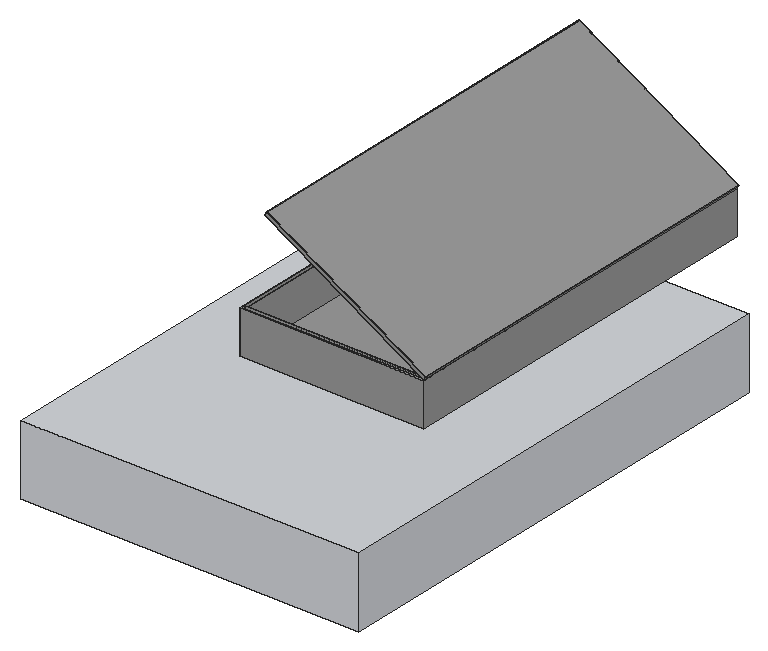
Revit family "Hager-Univers-IP54-D205-H1700-Cl.I-encl-DE-de", category Equipement électrique, Revit 2020
Family settings
  Hôte = Face
  Configuration du panneau = Deux colonnes, circuits au sein
  Cote de connecteur circulaire = Utiliser le diamètre
  Type d'élément = Tableau de raccordement
  Couper avec des vides une fois chargée = Non
  Partagée = Non
  Point de calcul de pièce = Non
Parameters (values of type "Aufputz IP54 B800 H1700 T205  - FP13TW2")
  Width Control [instance] = if([EF000008 - Breite] > Min Width, [EF000008 - Breite], Min Width)  # 800 mm
  Commentaires du type = [HG000003 - Bereich]  # "Univers"
  Thickness Door [instance] = if([EF009171 - Materialstärke Tür/Deckel] > 3 mm, 3 mm, [EF009171 - Materialstärke Tür/Deckel])  # 1 mm
  Seal Frame Offset [instance] = 17 mm  # constant formula
  Plinth Visibility [instance] = [HG000027 - Sockelhöhe] > 0 mm  # no
  Model = ""
  Min Width [instance] = 100 mm  # constant formula
  Min Height [instance] = 100 mm  # constant formula
  Min Depth [instance] = (2 * [EF009170 - Materialstärke Gehäuse]) + 1 mm  # 3 mm
  Internal Frame Depth [instance] = (Door System Depth * 0.5)  # 9 mm
  Height Control [instance] = if([EF000040 - Höhe] > Min Height, [EF000040 - Höhe], Min Height)  # 1700 mm
  HG000027 - Sockelhöhe = 0 mm
  HG000026 - Stehend auf dem Boden = no
  HG000024 - Höhe des unteren Teils = 800 mm
  HG000023 - Gehäuse mit doppeltem Querschnitt = no
  HG000016 - 3D-Türsichtbarkeit [instance] = yes
  HG000015 - Sichtbarkeit der Türöffnung [instance] = no
  HG000014 - Tür rechts [instance] = yes
  HG000013 - Tür links [instance] = not([HG000014 - Tür rechts])  # no
  HG000012 - Türschwenkwinkel [instance] = 30.00°
  HG000010 - Asymmetrische Türen = no
  HG000009 - Doppelflügeligen Tür = no
  HG000006 - Unterputz = no
  HG000004 - Herstellerreferenz = "FP13TW2"
  HG000003 - Bereich = "Univers"
  HG000002 - Mit tür = yes
  Frame Offset Bottom [instance] = 10 mm  # constant formula
  Frame Offset [instance] = 15 mm  # constant formula
  EF015940 - Deckel mit Überdruckentlastung = no
  EF011959 - Schutzart (NEMA) = ""
  EF009554 - Anzahl der Öffnungen für Flanschplatten = 6
  Fabricant = "Hager"  # constant formula
  EF009212 - Ausführung Deckel = "EV000116 - geschlossen"
  EF009171 - Materialstärke Tür/Deckel = 1 mm
  EF009170 - Materialstärke Gehäuse = 1 mm
  EF008873 - Nennstrom (In) = 400 A
  EF007800 - Geeignet für Blitzschutz = no
  EF006306 - Mit Schloss = no
  EF006244 - Transparenter Deckel/Tür = no
  EF005474 - Schutzart (IP) = "EV006419 - IP54"
  EF004464 - Art der Tür = "EV002646 - Einzel"
  EF004427 - Anzahl der Module = 396
  EF004293 - Schlagfestigkeit = "EV006815 - IK09"
  EF003532 - Geeignet für Außengebrauch = no
  EF002950 - Breite in Teilungseinheiten = 36
  EF001613 - Funktionserhalt = "EV000494 - ohne"
  EF001596 - Werkstoff des Gehäuses = "EV000179 - Stahl"
  EF001131 - Innentiefe = 205 mm
  EF001088 - Anbaumöglichkeit = yes
  EF000437 - Anzahl der Leitungseinführungen = 6
  EF000339 - Art der Abdeckung = "EV001012 - Deckel"
  EF000266 - Anzahl der Reihen = 11
  EF000218 - Einbautiefe = 205 mm
  EF000118 - Mit Montageplatte = no
  EF000116 - RAL-Nummer = "9010"
  EF000049 - Tiefe = 205 mm
  EF000040 - Höhe = 1700 mm
  EF000008 - Breite = 800 mm
  EF000007 - Farbe = "EV000202 - weiß"
  EF000003 - Montageart = "EV000384 - Aufputz"
  Door System Leaf Tolerance [instance] = 1.5 mm  # constant formula
  Door System Depth [instance] = 18 mm  # constant formula
  Door Height [instance] = Height Control - [HG000027 - Sockelhöhe]  # 1700 mm
  Depth Control [instance] = if([EF000049 - Tiefe] > Min Depth, [EF000049 - Tiefe], Min Depth)  # 205 mm
  Default Elevation = 0 mm
  Connector Offset [instance] = Height Control / 2  # 850 mm
  Bottom Top Plate Trim [instance] = 1.5 mm  # constant formula
  Plinth height Ctrl [instance] = if([HG000027 - Sockelhöhe] > 0 mm, [HG000027 - Sockelhöhe], 12 mm)  # 12 mm
Types (8, lengths in mm): name | Width Control | HG000009 - Doppelflügeligen Tür | HG000004 - Herstellerreferenz | EF009554 - Anzahl der Öffnungen für Flanschplatten | EF008873 - Nennstrom (In) | EF004464 - Art der Tür | EF004427 - Anzahl der Module | EF002950 - Breite in Teilungseinheiten | EF000437 - Anzahl der Leitungseinführungen | EF000008 - Breite
  Aufputz IP54 B1050 H1700 T205  - FP14TW2 | 1050 | yes | "FP14TW2" | 8 | 400 A | "EV003602 - Doppel" | 528 | 48 | 8 | 1050
  Aufputz IP54 B1300 H1700 T205  - FP15TW | 1300 | yes | "FP15TW" | 10 | 400 A | "EV003602 - Doppel" | 660 | 60 | 10 | 1300
  Aufputz IP54 B1300 H1700 T205  - FP15TW2 | 1300 | no | "FP15TW2" | 10 | 400 A | "EV003602 - Doppel" | 660 | 60 | 10 | 1300
  Aufputz IP54 B300 H1700 T205  - FP11TW2 | 300 | no | "FP11TW2" | 2 | 250 A | "EV002646 - Einzel" | 132 | 12 | 2 | 300
  Aufputz IP54 B550 H1700 T205  - FP12TW | 550 | no | "FP12TW" | 4 | 250 A | "EV002646 - Einzel" | 264 | 24 | 4 | 550
  Aufputz IP54 B550 H1700 T205  - FP12TW2 | 550 | no | "FP12TW2" | 4 | 250 A | "EV002646 - Einzel" | 264 | 24 | 4 | 550
  Aufputz IP54 B800 H1700 T205  - FP13TW | 800 | no | "FP13TW" | 6 | 400 A | "EV002646 - Einzel" | 396 | 36 | 6 | 800
  Aufputz IP54 B800 H1700 T205  - FP13TW2 | 800 | no | "FP13TW2" | 6 | 400 A | "EV002646 - Einzel" | 396 | 36 | 6 | 800
Reference planes
  plane 1 "Center (Front/Back)": y = 0
  plane 2: z = 0
  plane 3 "Center (Left/Right)": x = 0
  plane 4: z = 205
  plane 5: y = 1
  plane 6: y = 850
  plane 7: y = 0
  plane 8: y = 1700
  plane 9: z = 0
  plane 10: x = -385
  plane 11: x = 385
  plane 12: x = 384
  plane 13: x = -384
  plane 14: y = 1699
  plane 15: x = -383
  plane 16: x = -400
  plane 17: x = 383
  plane 18: x = 400
  plane 19: x = 399
  plane 20: x = -399
  plane 21: y = 11
  plane 22: y = 1700
  plane 23: y = 1684
  plane 24: z = 187
  plane 25: z = 1
  plane 26: z = 186
  plane 27: z = 204
Forms (mm)
  Extrusion 1, solid
    sketch origin (0, 0, 0) x (1, 0, 0) y (0, 1, 0)
      loop
        line (-702.964, 1305) -> (-702.964, -811.445) -> (766.763, -811.445) -> (766.763, 1305) -> (-702.964, 1305)
    from 0 to -304.8
  Extrusion 2, solid, material "Hager_Steel_RAL7035_Light_Grey", visible <- "Plinth Visibility", detail levels medium+fine
    sketch origin (0, 0, 0) x (1, 0, 0) y (0, 1, 0)
      loop
        line (-400, 0) -> (400, 0) -> (400, 12) -> (-400, 12) -> (-400, 0)
    from 0 to 187
  Extrusion 3, solid, material "Hager_Steel_RAL7035_Light_Grey", detail levels medium+fine
    sketch origin (0, 0, 0) x (1, 0, 0) y (0, 1, 0)
      loop
        line (-400, 0) -> (400, 0) -> (400, 1700) -> (-400, 1700) -> (-400, 0)
    from 0 to 187
  Extrusion 4, void
    sketch origin (0, 0, 0) x (1, 0, 0) y (0, 1, 0)
      loop
        line (-399, 1) -> (399, 1) -> (399, 1699) -> (-399, 1699) -> (-399, 1)
    from 1 to 186
  Extrusion 5, void
    sketch origin (-381.607, -4572, 187) x (0, -1, 0) y (-1, 0, 0)
      loop
        line (-4583, 2.393) -> (-6256, 2.393) -> (-6256, -765.607) -> (-4583, -765.607) -> (-4583, 2.393)
    from 0 to 1 <- "EF009170 - Materialstärke Gehäuse"
  Extrusion 6, solid, material "Hager_Steel_RAL7035_Light_Grey", detail levels fine
    sketch origin (0, 0, 187) x (1, 0, 0) y (0, 1, 0)
      loop
        line (-384, 1684) -> (-384, 11) -> (384, 11) -> (384, 1684) -> (-384, 1684)
      loop
        line (-385, 10) -> (385, 10) -> (385, 1685) -> (-385, 1685) -> (-385, 10)
    from 0 to 9 <- "Internal Frame Depth"
  Extrusion 7, solid, material "Hager_Steel_RAL7035_Light_Grey", detail levels coarse
    sketch origin (0, 0, 0) x (1, 0, 0) y (0, 1, 0)
      loop
        line (-400, 0) -> (400, 0) -> (400, 1700) -> (-400, 1700) -> (-400, 0)
    from 0 to 205
  Sweep 8, void
    path in 3D
      loop
        line (-400, 12, 0) -> (400, 12, 0) -> (400, 12, 187) -> (-400, 12, 187) -> (-400, 12, 0)
    profile origin (-400, 12, 93.5) x (-1, 0, 0) y (0, -1, 0)
      loop
        line (0, 0) -> (0, 1.5) -> (-1.5, 1.5)
        arc (-1.5, 1.5) -> (-1.061, 0.439) -> (0, 0) r 1.5
Cuts and joins
  Extrusion 4, Extrusion 5 cuts Extrusion 3
  Sweep 8 cuts Extrusion 2
Lines and regions (mm)
  Masking region 1
    outline origin (0, 0, 0) x (1, 0, 0) y (0, 0, 1)
      loop
        line (-400, 205) -> (-400, 0) -> (400, 0) -> (400, 205) -> (-400, 205)
  Masking region 2, detail levels medium+fine
    outline origin (0, 140, 0) x (0, 1, 0) y (0, 0, 1)
      loop
        line (-140, 0) -> (1560, 0) -> (1560, 187) -> (-140, 187) -> (-140, 0)
  Masking region 3, not visible, detail levels medium+fine
    outline origin (0, 297.922, 0) x (0, 1, 0) y (0, 0, 1)
      loop
        line (563.578, 0) -> (603.578, 0) -> (603.578, 194)
        arc (603.578, 194) -> (600.649, 201.071) -> (593.578, 204) r 10
        line (593.578, 204) -> (563.578, 204) -> (563.578, 0)
  Masking region 4, detail levels coarse
    outline origin (0, 0, 180) x (0, 1, 0) y (0, 0, 1)
      loop
        line (0, -180) -> (1700, -180) -> (1700, 25) -> (0, 25) -> (0, -180)
  Masking region 5, visible <- "Plinth Visibility", detail levels medium+fine
    outline origin (0, 52.24, 12.345) x (0, 0, -1) y (0, 1, 0)
      loop
        line (10.845, -40.24) -> (-173.155, -40.24)
        arc (-173.155, -40.24) -> (-173.594, -41.301) -> (-174.655, -41.74) r 1.5
        line (-174.655, -41.74) -> (-174.655, -52.24) -> (12.345, -52.24) -> (12.345, -41.74)
        arc (12.345, -41.74) -> (11.285, -41.301) -> (10.845, -40.24) r 1.5
  Masking region 6, detail levels medium+fine
    outline origin (-381.607, -4572, 187) x (-1, 0, 0) y (0, -1, 0)
      loop
        line (18.393, -6272) -> (18.393, -4572) -> (-781.607, -4572) -> (-781.607, -6272) -> (18.393, -6272)
  Masking region 7, visible <- "Plinth Visibility", detail levels medium+fine
    outline origin (-381.607, -4727, 187) x (-1, 0, 0) y (0, -1, 0)
      loop
        arc (16.893, -4739) -> (17.332, -4737.939) -> (18.393, -4737.5) r 1.5
        line (18.393, -4737.5) -> (18.393, -4727) -> (-781.607, -4727) -> (-781.607, -4737.5)
        arc (-781.607, -4737.5) -> (-780.546, -4737.939) -> (-780.107, -4739) r 1.5
        line (-780.107, -4739) -> (16.893, -4739)
  Masking region 8, detail levels coarse
    outline origin (-442.548, -4669.526, 187) x (-1, 0, 0) y (0, -1, 0)
      loop
        line (-42.548, -6369.526) -> (-42.548, -4669.526) -> (-842.548, -4669.526) -> (-842.548, -6369.526) -> (-42.548, -6369.526)
  sketch lines
    curve 1: line (-400, 12, 187) -> (-400, 12, 0)
    curve 2: line (400, 12, 187) -> (-400, 12, 187)
    curve 3: line (400, 12, 187) -> (400, 12, 0)
    curve 4: line (-400, 12, 0) -> (400, 12, 0)
Dimensions and locks
  "Depth Control": plane 4 to Extrusion 1
  "HG000027 - Sockelhöhe": plane 1 "Center (Front/Back)" to plane 7
  "EF009170 - Materialstärke Gehäuse": plane 5 to plane 7
  locked: connector elem to plane 3 "Center (Left/Right)"
  equal spacing: plane 8, plane 6, plane 7
  locked: connector elem to plane 6
  "EF009170 - Materialstärke Gehäuse": plane 8 to plane 14
  "EF009170 - Materialstärke Gehäuse": plane 10 to plane 13
  "EF009170 - Materialstärke Gehäuse": plane 12 to plane 11
  "Frame Offset": plane 20 to plane 13
  "Frame Offset": plane 12 to plane 19
  "EF009170 - Materialstärke Gehäuse": plane 16 to plane 20
  "EF009170 - Materialstärke Gehäuse": plane 19 to plane 18
  "Seal Frame Offset": plane 16 to plane 15
  "Seal Frame Offset": plane 17 to plane 18
  "Frame Offset Bottom": plane 21 to plane 5
  "Frame Offset": plane 14 to plane 23
  equal spacing: plane 16, plane 3 "Center (Left/Right)", plane 18
  "Width Control": plane 16 to plane 18
  "EF009170 - Materialstärke Gehäuse": plane 4 to plane 27
  "EF009170 - Materialstärke Gehäuse": plane 24 to plane 26
  "EF009170 - Materialstärke Gehäuse": plane 25 to level
  "Door System Depth": plane 4 to plane 24
  "Height Control": plane 1 "Center (Front/Back)" to Extrusion 7 sketch curve
  "Height Control": Masking region 4 sketch curve to plane 1 "Center (Front/Back)"
  "Height Control": plane 1 "Center (Front/Back)" to plane 22
  "Bottom Top Plate Trim": profile plane to Sweep 8 sketch curve
  "Bottom Top Plate Trim": Sweep 8 sketch curve to profile plane
  "Plinth height Ctrl": plane 1 "Center (Front/Back)" to Extrusion 2 sketch curve
  "Plinth height Ctrl": Masking region 5 sketch curve to plane 1 "Center (Front/Back)"
  "Plinth height Ctrl": plane 1 "Center (Front/Back)" to Masking region 7 sketch curve
  "Thickness Door": Extrusion 6 sketch curve to Extrusion 6 sketch curve  (x3)
  "Thickness Door": cut or joined group of Extrusion 3, Extrusion 4, Extrusion 5 to Extrusion 6 sketch curve
  radius of Masking region 3 sketch curve = 10 mm
  "Bottom Top Plate Trim": radius of Masking region 5 sketch curve  (x2)
  "Bottom Top Plate Trim": radius of Sweep 8 sketch curve
  "Bottom Top Plate Trim": radius of Masking region 7 sketch curve  (x2)
  aligned and locked: plane 2 to Extrusion 1
  aligned and locked: level to Extrusion 1
  aligned and locked: level to Masking region 1 sketch curve
  aligned and locked: Masking region 1 sketch curve to plane 18
  aligned and locked: Masking region 1 sketch curve to plane 16
  aligned and locked: plane 7 to Masking region 2 sketch curve
  aligned and locked: level to Masking region 3 sketch curve
  aligned and locked: Masking region 3 sketch curve to plane 27
  aligned and locked: level to Masking region 2 sketch curve
  aligned and locked: plane 1 "Center (Front/Back)" to Extrusion 2 sketch curve
  aligned and locked: Extrusion 3 sketch curve to plane 7
  aligned and locked: plane 16 to Extrusion 3 sketch curve
  aligned and locked: plane 18 to Extrusion 3 sketch curve
  aligned and locked: plane 20 to Extrusion 4 sketch curve
  aligned and locked: plane 19 to Extrusion 4 sketch curve
  aligned and locked: Extrusion 4 sketch curve to plane 5
  aligned and locked: Extrusion 4 to plane 25
  aligned and locked: plane 26 to Extrusion 4
  aligned and locked: plane 24 to Extrusion 3
  aligned and locked: Extrusion 5 sketch curve to plane 21
  aligned and locked: Extrusion 5 sketch curve to plane 13
  aligned and locked: Extrusion 5 sketch curve to plane 12
  aligned and locked: plane 18 to Extrusion 7 sketch curve
  aligned and locked: plane 1 "Center (Front/Back)" to Extrusion 7 sketch curve
  aligned and locked: plane 16 to Extrusion 7 sketch curve
  aligned and locked: plane 4 to Extrusion 7
  aligned and locked: Extrusion 7 to level
  aligned and locked: level to Masking region 4 sketch curve
  aligned and locked: Masking region 4 sketch curve to plane 1 "Center (Front/Back)"
  aligned and locked: Masking region 4 sketch curve to plane 4
  aligned and locked: nested 1 to level
  aligned and locked: nested 1 to plane 16
  aligned and locked: plane 8 to Extrusion 3 sketch curve
  aligned and locked: plane 23 to Extrusion 5 sketch curve
  aligned and locked: plane 14 to Extrusion 4 sketch curve
  aligned and locked: Masking region 2 sketch curve to plane 8
  aligned and locked: level to Masking region 5 sketch curve
  aligned and locked: plane 16 to Extrusion 2 sketch curve
  aligned and locked: plane 18 to Extrusion 2 sketch curve
  aligned and locked: Masking region 5 sketch curve to plane 24
  aligned and locked: Masking region 2 sketch curve to plane 24
  aligned and locked: plane 24 to Extrusion 2
  aligned and locked: profile plane to Sweep 8 sketch curve  (x2)
  aligned and locked: Masking region 6 sketch curve to plane 18
  aligned and locked: Masking region 6 sketch curve to plane 22
  aligned and locked: Masking region 6 sketch curve to plane 16
  aligned and locked: plane 8 to plane 22
  aligned and locked: Masking region 6 sketch curve to plane 7
  aligned and locked: Masking region 7 sketch curve to plane 16
  aligned and locked: Masking region 7 sketch curve to plane 1 "Center (Front/Back)"
  aligned and locked: Masking region 7 sketch curve to plane 18
  aligned and locked: Masking region 8 sketch curve to plane 1 "Center (Front/Back)"
  aligned and locked: Masking region 8 sketch curve to plane 18
  aligned and locked: Masking region 8 sketch curve to plane 22
  aligned and locked: Masking region 8 sketch curve to plane 16
  aligned and locked: nested 2 to plane 7
  aligned and locked: plane 3 "Center (Left/Right)" to nested 2
  aligned and locked: nested 2 to plane 24
  aligned and locked: Extrusion 6 sketch curve to cut or joined group of Extrusion 3, Extrusion 4, Extrusion 5  (x4)
Automatic sketch dimensions
  Extrusion 1 sketch curve to Extrusion 1 sketch curve = 1469.727 mm
  Extrusion 1 sketch curve to Extrusion 1 sketch curve = 2116.445 mm
  Masking region 1 sketch curve to plane 4 = 0 mm
  plane 6 to Masking region 3 sketch curve = 11.5 mm
  Masking region 3 sketch curve to Masking region 3 sketch curve = 30 mm
  Masking region 5 sketch curve to plane 1 "Center (Front/Back)" = 0 mm
Nested families
  nested 1: "Hager_Enclosure_Symbol" at (-400, 0, 0) x (1, 0, 0) z (0, -1, 0), Height <- "Depth Control", Width <- "Width Control", type "Hager_Enclosure_Symbol"
    with Width_Ctrl 800 mm, Width 800 mm, Height_Ctrl 205 mm, Height 205 mm, A_Width_Int 13.453 mm, A_Width 161.438 mm, A_Height_Ctrl 179.375 mm, A_Height 179.375 mm
  nested 2: "EC000058_Univers_Door" at (0, 0, 187) x (1, 0, 0) z (0, 1, 0), Leaf_Tolerance <- "Door System Leaf Tolerance", Angle <- "HG000012 - Türschwenkwinkel", Door_Depth <- "Door System Depth", Door_Left <- "HG000013 - Tür links", Transparent <- "EF006244 - Transparenter Deckel/Tür", Assymetrical <- "HG000010 - Asymmetrische Türen", Width <- "Width Control", Clearance <- "HG000015 - Sichtbarkeit der Türöffnung", Double <- "HG000009 - Doppelflügeligen Tür", 3d_Door <- "HG000016 - 3D-Türsichtbarkeit", Lock_Visibility <- "EF006306 - Mit Schloss", Width_Ctrl <- "Width Control", Door_Right <- "HG000014 - Tür rechts", Door <- "HG000002 - Mit tür", Height <- "Door Height", Thickness <- "Thickness Door", type "EC000058_Univers_Door", detail levels medium+fine
    with min_wh 3 mm, Width_Ctrl 800 mm, Width 800 mm, Transparent no, Thickness 1 mm, Seal_Material Hager_Rubber, Lock_Visibility no, Lock_Material Hager_Plastic_RAL9005_Jet_Black, Leaf_Width 800 mm, Leaf_Tolerance_External_Sides 0 mm, Leaf_Tolerance 1.5 mm, Leaf_Offset 0 mm, Leaf_Height 1697 mm, Leaf_2_Width 800 mm, Leaf_2_Offset 400 mm, Leaf_1_Width 800 mm, Leaf_1_Offset 400 mm, Height_Ctrl 1700 mm, Height 1700 mm, Glass_Material Hager_Glass, Double_Clearance_Ctrl no, Double no, Door_Right_Ctrl yes, Door_Right yes, Door_Material Hager_Steel_RAL7035_Light_Grey, Door_Left_Ctrl no, Door_Left no, Door_Depth 18 mm, Door yes, Clearance_Material Hager_Clearance, Clearance_Depth 800 mm, Clearance_Ctrl no, Clearance no, Assymetrical no, Angle 30.00°, 3d_Door yes
Connectors
  electrical at (0, 850, 0)
    settings: on plane 9, index 1, voltage 0 V, apparent load 0 VA, apparent load phase1 0 VA, apparent load phase2 0 VA, apparent load phase3 0 VA, power factor 1, load classification "Other", number of poles 1, system type 30, power factor state 1, is connector primary yes, connector utility no, sub classification motor no, connector description ""
Definition of nested family "EC000058_Univers_Door"
  Parameters (values of type "EC000058_Univers_Door")
    min_wh [instance] = (2 * Thickness) + 1 mm  # 11 mm
    Width_Ctrl [instance] = 400 mm
    Width [instance] = 500 mm
    Transparent [instance] = yes
    Thickness [instance] = 5 mm
    Seal_Material [instance] = none
    Lock_Visibility [instance] = yes
    Lock_Material [instance] = none
    Leaf_Width [instance] = if((Width_Ctrl - 2 * Leaf_Tolerance_External_Sides) > 0 mm, (Width_Ctrl - 2 * Leaf_Tolerance_External_Sides), min_wh)  # 400 mm
    Leaf_Tolerance_External_Sides [instance] = 0 mm  # constant formula
    Leaf_Tolerance [instance] = 1.5 mm
    Leaf_Offset [instance] = 0 mm  # constant formula
    Leaf_Height [instance] = if((Height_Ctrl - 2 * Leaf_Tolerance) > 0 mm, (Height_Ctrl - 2 * Leaf_Tolerance), min_wh)  # 497 mm
    Leaf_2_Width [instance] = if(and(and(Double, Assymetrical), Door_Left), (Leaf_Width / 3) - (Leaf_Tolerance / 2), if(and(and(Double, Assymetrical), Door_Right), (Leaf_Width / 3) * 2 - (Leaf_Tolerance / 2), if(and(Double, not(Assymetrical)), (Leaf_Width / 2) - Leaf_Tolerance, Leaf_Width)))  # 400 mm
    Leaf_2_Offset [instance] = if(and(Double, Assymetrical), Leaf_2_Width / 2, if(and(Double, not(Assymetrical)), Leaf_Width / 4, Leaf_Width / 2))  # 200 mm
    Leaf_1_Width [instance] = if(and(and(Double, Assymetrical), Door_Right), (Leaf_Width / 3) - (Leaf_Tolerance / 2), if(and(and(Double, Assymetrical), Door_Left), (Width / 3) * 2 - (Leaf_Tolerance / 2), if(and(Double, not(Assymetrical)), (Leaf_Width / 2) - Leaf_Tolerance, Leaf_Width)))  # 400 mm
    Leaf_1_Offset [instance] = if(and(Double, Assymetrical), Leaf_1_Width / 2, if(and(Double, not(Assymetrical)), Leaf_Width / 4, Leaf_Width / 2))  # 200 mm
    Height_Ctrl [instance] = if(Height > min_wh, Height, min_wh)  # 500 mm
    Height [instance] = 500 mm
    Glass_Material [instance] = none
    Double_Clearance_Ctrl [instance] = and(Double, Clearance)  # no
    Double [instance] = no
    Door_Right_Ctrl [instance] = and(or(Door_Right, Double), Door)  # yes
    Door_Right [instance] = yes
    Door_Material [instance] = none
    Door_Left_Ctrl [instance] = and(or(Door_Left, Double), Door)  # no
    Door_Left [instance] = no
    Door_Depth [instance] = 30 mm
    Door [instance] = yes
    Default Elevation = 1219.2 mm
    Clearance_Material [instance] = none
    Clearance_Depth [instance] = if(Leaf_1_Width > Leaf_2_Width, Leaf_1_Width, Leaf_2_Width)  # 400 mm
    Clearance_Ctrl [instance] = and(not(Double), Clearance)  # yes
    Clearance [instance] = yes
    Assymetrical [instance] = yes
    Angle [instance] = 30.00°
    3d_Door [instance] = yes
  Reference planes
    plane 1 "Center (Front/Back)": y = 0
    plane 2 "Bottom": z = 0
    plane 3 "Center (Left/Right)": x = 0
    plane 4: z = 500
    plane 5: x = -200
    plane 6: x = 200
    plane 7: z = 500
    plane 8: x = -200
    plane 9: z = 0
    plane 10: x = 200
    plane 11: y = 0
    plane 12: z = 1.5
    plane 13: x = -600
    plane 14: y = -400
    plane 15: x = 600
    plane 16: x = 0
    plane 17: x = 0
    plane 18: x = -200
    plane 19: x = 200
    plane 20: z = 498.5
  Forms (mm)
    Extrusion 1, solid, material <- "Clearance_Material", visible <- "Double_Clearance_Ctrl"
      sketch origin (1200, 0, 0) x (1, 0, 0) y (0, 0, -1)
        loop
          line (-1800, -498.5) -> (-600, -498.5) -> (-600, 0) -> (-1800, 0) -> (-1800, -498.5)
      from 0 to -400
  Dimensions and locks
    equal spacing: plane 5, plane 3 "Center (Left/Right)", plane 6
    "Width_Ctrl": plane 5 to plane 6
    "Leaf_Offset": plane 5 to plane 8
    "Leaf_Offset": plane 6 to plane 10
    "Leaf_Offset": plane 9 to level
    "Leaf_Offset": plane 4 to plane 7
    "Height_Ctrl": plane 4 to level
    "Leaf_Tolerance": plane 12 to plane 9
    locked: plane 11 to plane 1 "Center (Front/Back)"
    "Leaf_1_Offset": plane 18 to plane 16
    "Leaf_2_Offset": plane 17 to plane 19
    "Leaf_1_Width": plane 13 to plane 8
    "Leaf_2_Width": plane 10 to plane 15
    "Clearance_Depth": plane 14 to plane 1 "Center (Front/Back)"
    "Leaf_Tolerance_External_Sides": plane 8 to plane 18
    "Leaf_Tolerance_External_Sides": plane 19 to plane 10
    "Leaf_Tolerance": plane 7 to plane 20
    aligned and locked: level to plane 2 "Bottom"
    aligned and locked: nested 1 to plane 16
    aligned and locked: nested 2 to plane 17
    aligned and locked: Extrusion 1 to plane 13
    aligned and locked: plane 15 to Extrusion 1
    aligned and locked: Extrusion 1 to plane 14
    aligned and locked: plane 12 to nested 1
    aligned and locked: nested 2 to plane 12
    aligned and locked: Extrusion 1 to plane 11
    aligned and locked: plane 20 to Extrusion 1
    aligned and locked: nested 2 to plane 11
    aligned and locked: nested 1 to plane 11
  Automatic sketch dimensions
    Extrusion 1 sketch curve to level = 0 mm
    plane 5 to Extrusion 1 sketch curve = 400 mm
    plane 6 to Extrusion 1 sketch curve = 400 mm
    Extrusion 1 sketch curve to plane 4 = 1.5 mm
  Nested families
    nested 1: "EC000058_Univers_Door_Leaf" at (0, 0, 1.5), Width <- "Leaf_1_Width", visible <- "Door_Left_Ctrl", Leaf_Height <- "Leaf_Height", Angle <- "Angle", 3d_Door <- "3d_Door", Transparent <- "Transparent", Clearance Material <- "Clearance_Material", Clearance <- "Clearance_Ctrl", Door_Material <- "Door_Material", Glass_Material <- "Glass_Material", Door_Depth <- "Door_Depth", Lock_Material <- "Lock_Material", Seal_Material <- "Seal_Material", Lock_Visibility <- "Lock_Visibility", Thickness <- "Thickness", type "EC000058_Univers_Door_Leaf"
      with Width 400 mm, Transparent_Glass_Offset 30 mm, Transparent_Ctrl yes, Transparent yes, Thickness 5 mm, Standard no, Seal_Material none, Seal_D2 8 mm, Seal_D1 1 mm, Offset_Internal_Frame 10 mm, Lock_Width 20 mm, Lock_Visibility_3d yes, Lock_Visibility yes, Lock_Thickness_3 3 mm, Lock_Thickness_2 1 mm, Lock_Thickness_1 3 mm, Lock_Radius_Offset_2 16 mm, Lock_Radius_Offset_1 15 mm, Lock_Radius_2 5 mm, Lock_Radius 6 mm, Lock_Offset 5 mm, Lock_Material none, Lock_Height 80 mm, Lock_Cover_Top_Offset_2d 17 mm, Lock_Cover_Height -65 mm, Leaf_Height 497 mm, Internal_Seal_Thickness 8 mm, Internal_Seal_Depth_2 4.5 mm, Internal_Frame_Depth 25 mm, Glass_Thickness -1 mm, Glass_Offset -2 mm, Glass_Material none, Door_Material none, Door_Depth 30 mm, Clearance Material none, Clearance yes, Angle_Ctrl 30.00°, Angle 30.00°, 3d_Door yes
    nested 2: "EC000058_Univers_Door_Leaf" at (0, 0, 1.5) x (-1, 0, 0) z (0, 0, 1), Width <- "Leaf_2_Width", visible <- "Door_Right_Ctrl", Leaf_Height <- "Leaf_Height", Angle <- "Angle", 3d_Door <- "3d_Door", Transparent <- "Transparent", Clearance Material <- "Clearance_Material", Clearance <- "Clearance_Ctrl", Door_Material <- "Door_Material", Glass_Material <- "Glass_Material", Door_Depth <- "Door_Depth", Lock_Material <- "Lock_Material", Seal_Material <- "Seal_Material", Lock_Visibility <- "Lock_Visibility", Thickness <- "Thickness", type "EC000058_Univers_Door_Leaf"
      with Width 400 mm, Transparent_Glass_Offset 30 mm, Transparent_Ctrl yes, Transparent yes, Thickness 5 mm, Standard no, Seal_Material none, Seal_D2 8 mm, Seal_D1 1 mm, Offset_Internal_Frame 10 mm, Lock_Width 20 mm, Lock_Visibility_3d yes, Lock_Visibility yes, Lock_Thickness_3 3 mm, Lock_Thickness_2 1 mm, Lock_Thickness_1 3 mm, Lock_Radius_Offset_2 16 mm, Lock_Radius_Offset_1 15 mm, Lock_Radius_2 5 mm, Lock_Radius 6 mm, Lock_Offset 5 mm, Lock_Material none, Lock_Height 80 mm, Lock_Cover_Top_Offset_2d 17 mm, Lock_Cover_Height -65 mm, Leaf_Height 497 mm, Internal_Seal_Thickness 8 mm, Internal_Seal_Depth_2 4.5 mm, Internal_Frame_Depth 25 mm, Glass_Thickness -1 mm, Glass_Offset -2 mm, Glass_Material none, Door_Material none, Door_Depth 30 mm, Clearance Material none, Clearance yes, Angle_Ctrl 30.00°, Angle 30.00°, 3d_Door yes
  Definition of nested family "EC000058_Univers_Door_Leaf"
    Parameters (values of type "EC000058_Univers_Door_Leaf")
      Width [instance] = 2000 mm
      Transparent_Glass_Offset [instance] = 30 mm
      Transparent_Ctrl [instance] = and(Transparent, [3d_Door])  # yes
      Transparent [instance] = yes
      Thickness [instance] = 5 mm
      Standard [instance] = and(not(Transparent), [3d_Door])  # no
      Seal_Material [instance] = none
      Seal_D2 [instance] = 8 mm  # constant formula
      Seal_D1 [instance] = 1 mm  # constant formula
      Offset_Internal_Frame [instance] = 10 mm  # constant formula
      Lock_Width [instance] = 20 mm  # constant formula
      Lock_Visibility_3d [instance] = and(Lock_Visibility, [3d_Door])  # yes
      Lock_Visibility [instance] = yes
      Lock_Thickness_3 [instance] = 3 mm  # constant formula
      Lock_Thickness_2 [instance] = 1 mm  # constant formula
      Lock_Thickness_1 [instance] = 3 mm  # constant formula
      Lock_Radius_Offset_2 [instance] = Lock_Radius_Offset_1 + 1 mm  # 16 mm
      Lock_Radius_Offset_1 [instance] = 15 mm  # constant formula
      Lock_Radius_2 [instance] = Lock_Radius - 1 mm  # 5 mm
      Lock_Radius [instance] = 6 mm  # constant formula
      Lock_Offset [instance] = 5 mm  # constant formula
      Lock_Material [instance] = none
      Lock_Height [instance] = 80 mm  # constant formula
      Lock_Cover_Top_Offset_2d [instance] = Lock_Radius_Offset_2 + 1 mm  # 17 mm
      Lock_Cover_Height [instance] = -(Lock_Height - Lock_Radius_Offset_1)  # -65 mm
      Leaf_Height [instance] = 2720.336 mm
      Internal_Seal_Thickness [instance] = 8 mm  # constant formula
      Internal_Seal_Depth_2 [instance] = 4.5 mm  # constant formula
      Internal_Frame_Depth [instance] = if(Door_Depth - Thickness > 5 mm, Door_Depth - Thickness, 5 mm)  # 25 mm
      Glass_Thickness [instance] = if(Thickness > 15 mm, Glass_Offset + 10 mm, -1 mm)  # -1 mm
      Glass_Offset [instance] = if(Thickness > 15 mm, -(Thickness + 10 mm) / 2, -2 mm)  # -2 mm
      Glass_Material [instance] = none
      Door_Material [instance] = none
      Door_Depth [instance] = 30 mm
      Default Elevation = 0 mm
      Clearance Material [instance] = none
      Clearance [instance] = yes
      Angle_Ctrl [instance] = if(Angle > 180.00°, 180.00°, Angle)  # 90.00°
      Angle [instance] = 90.00°
      3d_Door [instance] = yes
    Reference planes
      plane 1 "Center (Front/Back)": y = 0
      plane 2: z = 0
      plane 3 "Center (Left/Right)": x = 0
      plane 4: y = 2000
      plane 5: x = -1000
      plane 6: x = 1000
      plane 7: x = -3000
      plane 8: z = 2720.336
      plane 9: z = 30
      plane 10: z = 2690.336
      plane 11: x = 970
      plane 12: x = -970
      plane 13: y = -3
      plane 14: z = 107.833
      plane 15: y = -5
      plane 16: y = -223.314
      plane 17: x = -1000
      plane 18: z = 1360.168
      plane 19: y = 30
    Forms (mm)
      Extrusion 1, solid, material <- "Clearance Material", visible <- "Clearance"
        sketch origin (0, 0, 0) x (1, 0, 0) y (0, 0, 1)
          loop
            line (-3000, 2720.336) -> (-3000, 0) -> (1000, 0) -> (1000, 2720.336) -> (-3000, 2720.336)
        from 0 to -2000
      Extrusion 2, solid, material <- "Door_Material", visible <- "Standard", detail levels medium+fine
        sketch origin (-1000, 0, 0) x (0, 1, 0) y (-1, 0, 0)
          loop
            line (0, 30) -> (0, 25) -> (2000, 25) -> (2000, 30) -> (0, 30)
        from 0 to 2720.336 <- "Leaf_Height"
      Extrusion 3, solid, material <- "Door_Material", visible <- "Transparent_Ctrl", detail levels medium+fine
        sketch origin (-1000, 0, 0) x (0, 1, 0) y (-1, 0, 0)
          loop
            line (0, 25) -> (2000, 25) -> (2000, 30) -> (0, 30) -> (0, 25)
        from 0 to 2720.336 <- "Leaf_Height"
      Extrusion 4, void
        sketch origin (-1025, 2000, 0) x (0, 1, 0) y (0, 0, -1)
          loop
            line (-30, -2690.336) -> (-30, -30) -> (-1970, -30) -> (-1970, -2690.336) -> (-30, -2690.336)
        from 0 to 5 <- "Thickness"
      Sweep 5, solid, material <- "Seal_Material", visible <- "Transparent_Ctrl", detail levels fine
        path in 3D
          loop
            line (-1025, 30, 30) -> (-1025, 30, 2690.336) -> (-1025, 1970, 2690.336) -> (-1025, 1970, 30) -> (-1025, 30, 30)
        profile origin (-1025, 1000, 30) x (1, 0, 0) y (0, 0, 1)
          loop
            line (0, 0) -> (0, -8) -> (1, -8) -> (1, 0) -> (0, 0)
      Extrusion 6, solid, material <- "Glass_Material", visible <- "Transparent_Ctrl", detail levels medium+fine
        sketch origin (-1030, 0, 0) x (0, 1, 0) y (0, 0, -1)
          loop
            line (1970, -2690.336) -> (1970, -30) -> (30, -30) -> (30, -2690.336) -> (1970, -2690.336)
        from -2 <- "Glass_Offset" to -1 <- "Glass_Thickness"
      Extrusion 7, solid, material <- "Door_Material", visible <- "3d_Door", detail levels medium+fine
        sketch origin (-1025, 2000, 0) x (0, -1, 0) y (0, 0, -1)
          loop
            line (0, -2720.336) -> (2000, -2720.336) -> (2000, 0) -> (0, 0) -> (0, -2720.336)
          loop
            line (1995, -5) -> (5, -5) -> (5, -2715.336) -> (1995, -2715.336) -> (1995, -5)
        from 0 to 25 <- "Internal_Frame_Depth"
      Sweep 8, solid, material <- "Seal_Material", visible <- "Transparent_Ctrl", detail levels fine
        path in 3D
          loop
            line (-1025, 0, 0) -> (-1025, 2000, 0) -> (-1025, 2000, 2720.336) -> (-1025, 0, 2720.336) -> (-1025, 0, 0)
        profile origin (-1025, 0, 1360.168) x (1, 0, 0) y (0, 1, 0)
          loop
            line (0, 10) -> (2.975, 10)
            arc (2.975, 10) -> (4.053, 10.447) -> (4.5, 11.525) r 1.525
            line (4.5, 11.525) -> (4.5, 16.527)
            arc (4.5, 16.527) -> (4.069, 17.569) -> (3.027, 18) r 1.473
            line (3.027, 18) -> (0, 18) -> (0, 10)
      Extrusion 9, solid, material <- "Lock_Material", visible <- "Lock_Visibility_3d", detail levels fine
        sketch origin (-1030, 0, 0) x (0, 1, 0) y (0, 0, -1)
          loop
            arc (1993.5, -1400.168) -> (1994.561, -1399.729) -> (1995, -1398.668) r 1.5
            line (1995, -1398.668) -> (1995, -1320.168) -> (1975, -1320.168) -> (1975, -1398.668)
            arc (1975, -1398.668) -> (1975.439, -1399.729) -> (1976.5, -1400.168) r 1.5
            line (1976.5, -1400.168) -> (1993.5, -1400.168)
        from 3 <- "Lock_Thickness_1" to 0
      Blend 10, solid, material <- "Lock_Material", visible <- "Lock_Visibility_3d", detail levels fine
        base sketch origin (-1033, 0, 0) x (0, 1, 0) y (0, 0, -1)
          loop
            line (1975, -1320.168) -> (1975, -1398.668)
            arc (1975, -1398.668) -> (1975.439, -1399.729) -> (1976.5, -1400.168) r 1.5
            line (1976.5, -1400.168) -> (1993.5, -1400.168)
            arc (1993.5, -1400.168) -> (1994.561, -1399.729) -> (1995, -1398.668) r 1.5
            line (1995, -1398.668) -> (1995, -1320.168) -> (1975, -1320.168)
        top sketch origin (-1033, 0, 0) x (0, 1, 0) y (0, 0, -1)
          loop
            line (1976, -1320.168) -> (1976, -1398.668)
            arc (1976, -1398.668) -> (1976.146, -1399.022) -> (1976.5, -1399.168) r 0.5
            line (1976.5, -1399.168) -> (1993.5, -1399.168)
            arc (1993.5, -1399.168) -> (1993.854, -1399.022) -> (1994, -1398.668) r 0.5
            line (1994, -1398.668) -> (1994, -1320.168) -> (1976, -1320.168)
        from 0 to 1 <- "Lock_Thickness_2"
      Blend 11, solid, material <- "Lock_Material", visible <- "Lock_Visibility_3d", detail levels fine
        base sketch origin (-1034, 0, 0) x (0, 1, 0) y (0, 0, -1)
          loop
            line (1978, -1320.168) -> (1978, -1384.168)
            arc (1978, -1384.168) -> (1985, -1391.168) -> (1992, -1384.168) r 7
            line (1992, -1384.168) -> (1992, -1320.168) -> (1978, -1320.168)
        top sketch origin (-1034, 0, 0) x (0, 1, 0) y (0, 0, -1)
          loop
            line (1991, -1320.168) -> (1979, -1320.168) -> (1979, -1383.168)
            arc (1979, -1383.168) -> (1985, -1389.168) -> (1991, -1383.168) r 6
            line (1991, -1383.168) -> (1991, -1320.168)
        from 0 to 3 <- "Lock_Thickness_3"
      Extrusion 12, solid, material <- "Lock_Material", visible <- "Lock_Visibility_3d", detail levels fine
        sketch origin (-1030, 1975, 1320.168) x (1, 0, 0) y (0, -1, 0)
          loop
            line (-7, -19) -> (-7, -1) -> (0, -1) -> (0, 0) -> (-8, 0) -> (-8, -20) -> (0, -20) -> (0, -19) -> (-7, -19)
        from 0 to -65 <- "Lock_Cover_Height"
      Extrusion 13, void
        sketch origin (-1038, 1995, 1320.168) x (-1, 0, 0) y (0, 0, -1)
          loop
            line (-5, -65) -> (0, -65) -> (-5, -60) -> (-5, -65)
        from 0 to 20 <- "Lock_Width"
      Extrusion 14, void
        sketch origin (-1038, 1975, 1320.168) x (0, -1, 0) y (0, 0, -1)
          loop
            circle (-10, -15.995) r 6
          loop
            circle (-10, -15.995) r 5
        from 0 to 2
      Extrusion 15, solid, material <- "Lock_Material", visible <- "Lock_Visibility_3d", detail levels medium
        sketch origin (-1030, 0, 0) x (0, 1, 0) y (0, 0, -1)
          loop
            arc (1993.5, -1400.168) -> (1994.561, -1399.729) -> (1995, -1398.668) r 1.5
            line (1995, -1398.668) -> (1995, -1320.168) -> (1975, -1320.168) -> (1975, -1398.668)
            arc (1975, -1398.668) -> (1975.439, -1399.729) -> (1976.5, -1400.168) r 1.5
            line (1976.5, -1400.168) -> (1993.5, -1400.168)
        from 8 to 0
    Cuts and joins
      Extrusion 4 cuts Extrusion 3
      Extrusion 13, Extrusion 14 cuts Extrusion 9
      Extrusion 14 cuts Blend 11
      Extrusion 13, Extrusion 14 cuts Extrusion 12
      joined: Extrusion 9, Blend 10, Blend 11, Extrusion 12
      Extrusion 14 cuts Extrusion 15
    Lines and regions (mm)
      Masking region 1, visible <- "Lock_Visibility", detail levels fine
        outline origin (0, 0, 0) x (0, 1, 0) y (0, 0, 1)
          loop
            line (30, 1320.168) -> (33, 1320.168) -> (33, 1400.168) -> (30, 1400.168) -> (30, 1320.168)
      Masking region 2, visible <- "Lock_Visibility", detail levels fine
        outline origin (0, 3.143, 0) x (0, 1, 0) y (0, 0, 1)
          loop
            line (29.857, 1354.168) -> (30.857, 1354.168) -> (30.857, 1366.168) -> (29.857, 1366.168) -> (29.857, 1354.168)
      Masking region 3, detail levels medium+fine
        outline origin (0, 0, 0) x (0, 1, 0) y (0, 0, 1)
          loop
            line (0, 0) -> (30, 0) -> (30, 2720.336) -> (0, 2720.336) -> (0, 0)
      Masking region 4, detail levels medium+fine
        outline origin (0, 0, 0) x (1, 0, 0) y (0, 0, 1)
          loop
            line (-1000, 2720.336) -> (-1000, 0) -> (1000, 0) -> (1000, 2720.336) -> (-1000, 2720.336)
      Masking region 5, visible <- "Lock_Visibility", detail levels fine
        outline origin (-47.116, 0, 0) x (1, 0, 0) y (0, 0, 1)
          loop
            arc (1024.616, 1399.168) -> (1023.556, 1398.729) -> (1023.116, 1397.668) r 1.5
            line (1023.116, 1397.668) -> (1023.116, 1320.168) -> (1041.116, 1320.168) -> (1041.116, 1397.668)
            arc (1041.116, 1397.668) -> (1040.677, 1398.729) -> (1039.616, 1399.168) r 1.5
            line (1039.616, 1399.168) -> (1024.616, 1399.168)
      Masking region 6, visible <- "Lock_Visibility", detail levels medium+fine
        outline origin (-25, 0, 0) x (1, 0, 0) y (0, 0, 1)
          loop
            arc (1001.5, 1400.168) -> (1000.439, 1399.729) -> (1000, 1398.668) r 1.5
            line (1000, 1398.668) -> (1000, 1320.168) -> (1020, 1320.168) -> (1020, 1398.668)
            arc (1020, 1398.668) -> (1019.561, 1399.729) -> (1018.5, 1400.168) r 1.5
            line (1018.5, 1400.168) -> (1001.5, 1400.168)
      Masking region 7, visible <- "Lock_Visibility", detail levels fine
        outline origin (-73.735, 0, 0) x (1, 0, 0) y (0, 0, 1)
          loop
            line (1051.735, 1382.168) -> (1065.735, 1382.168) -> (1065.735, 1384.168)
            arc (1065.735, 1384.168) -> (1058.735, 1391.168) -> (1051.735, 1384.168) r 7
            line (1051.735, 1384.168) -> (1051.735, 1382.168)
      Masking region 8, visible <- "Lock_Visibility", detail levels fine
        outline origin (-73.735, 0, 0) x (1, 0, 0) y (0, 0, 1)
          loop
            line (1052.735, 1382.168) -> (1064.735, 1382.168) -> (1064.735, 1383.168)
            arc (1064.735, 1383.168) -> (1058.735, 1389.168) -> (1052.735, 1383.168) r 6
            line (1052.735, 1383.168) -> (1052.735, 1382.168)
      Masking region 9, visible <- "Lock_Visibility", detail levels fine
        outline origin (-25, 0, 0) x (1, 0, 0) y (0, 0, 1)
          loop
            line (1020, 1320.168) -> (1020, 1382.168) -> (1000, 1382.168) -> (1000, 1320.168) -> (1020, 1320.168)
      Masking region 10, detail levels medium+fine
        outline origin (0, 0, 0) x (1, 0, 0) y (0, 0, 1)
          loop
            circle (985, 1335.144) r 6
      Masking region 11, detail levels fine
        outline origin (0, 0, 0) x (1, 0, 0) y (0, 0, 1)
          loop
            circle (985, 1335.144) r 5
      Masking region 12, visible <- "Lock_Visibility", detail levels fine
        outline origin (0, 12.767, 0) x (0, 1, 0) y (0, 0, 1)
          loop
            line (20.233, 1320.168) -> (21.233, 1320.168) -> (21.233, 1399.168) -> (20.233, 1400.168) -> (20.233, 1320.168)
      Masking region 13, visible <- "Lock_Visibility", detail levels fine
        outline origin (0, 13.767, -10) x (0, 1, 0) y (0, 0, 1)
          loop
            line (20.233, 1330.168) -> (23.233, 1330.168) -> (23.233, 1399.168) -> (20.233, 1402.168) -> (20.233, 1330.168)
      Masking region 14, visible <- "Lock_Visibility", detail levels fine
        outline origin (0, 12.767, -10) x (0, 1, 0) y (0, 0, 1)
          loop
            line (20.233, 1330.168) -> (25.233, 1330.168) -> (25.233, 1399.305) -> (20.233, 1394.305) -> (20.233, 1330.168)
      Masking region 15, visible <- "Lock_Visibility", detail levels medium
        outline origin (0, 0, 0) x (0, 1, 0) y (0, 0, 1)
          loop
            line (30, 1320.168) -> (38, 1320.168) -> (38, 1400.168) -> (30, 1400.168) -> (30, 1320.168)
      Masking region 16, visible <- "Lock_Visibility", detail levels fine
        outline origin (-1000, 0, 0) x (0, 1, 0) y (-1, 0, 0)
          loop
            line (1975, 30) -> (1995, 30) -> (1995, 38) -> (1975, 38) -> (1975, 30)
          loop
            line (1979, 37) -> (1976, 37) -> (1976, 34) -> (1978, 34) -> (1979, 37)
          loop
            line (1994, 37) -> (1991, 37) -> (1992, 34) -> (1994, 34) -> (1994, 37)
      Masking region 17, visible <- "Lock_Visibility", detail levels medium
        outline origin (-1000, 0, 0) x (0, 1, 0) y (-1, 0, 0)
          loop
            line (1975, 30) -> (1995, 30) -> (1995, 38) -> (1975, 38) -> (1975, 30)
      symbolic lines
        curve 1: line (1000, 0, 0) -> (-3000, 0, 0)
        curve 2: arc (1000, 0, 0) -> (-1000, 2000, 0) -> (-3000, 0, 0) r 2000
        curve 4: line (-1030, 0, 0) -> (-1030, 2000, 0)
      reference lines
        curve 3: line (-1000, 0, 0) -> (-1000, 2000, 0)
      symbolic lines, detail levels medium+fine
        curve 5: line (-1030, 2000, 0) -> (-1025, 2000, 0)
        curve 7: line (-1025, 0, 0) -> (-1030, 0, 0)
        curve 8: line (-1025, 0, 0) -> (-1000, 0, 0)
        curve 9: line (-1000, 0, 0) -> (-1000, 2000, 0)
        curve 10: line (-1000, 2000, 0) -> (-1025, 2000, 0)
      symbolic lines, detail levels fine
        curve 6: line (-1025, 2000, 0) -> (-1025, 0, 0)
      sketch lines
        curve 11: line (-1025, 0, 2720.336) -> (-1025, 0, 0)
        curve 12: line (-1025, 2000, 0) -> (-1025, 0, 0)
        curve 13: line (-1025, 2000, 2720.336) -> (-1025, 2000, 0)
        curve 14: line (-1025, 0, 2720.336) -> (-1025, 2000, 2720.336)
        curve 15: line (-1025, 1970, 30) -> (-1025, 30, 30)
        curve 16: line (-1025, 30, 30) -> (-1025, 30, 2690.336)
        curve 17: line (-1025, 1970, 2690.336) -> (-1025, 1970, 30)
        curve 18: line (-1025, 30, 2690.336) -> (-1025, 1970, 2690.336)
      symbolic lines, visible <- "Transparent", detail levels medium+fine
        curve 19: line (-970, 0, 2690.336) -> (970, 0, 2690.336)
        curve 20: line (-970, 0, 30) -> (-970, 0, 2690.336)
        curve 21: line (970, 0, 30) -> (-970, 0, 30)
        curve 22: line (970, 0, 2690.336) -> (970, 0, 30)
    Dimensions and locks
      "Width": plane 1 "Center (Front/Back)" to plane 4
      equal spacing: plane 5, plane 3 "Center (Left/Right)", plane 6
      "Width": plane 5 to plane 6
      "Width": plane 7 to plane 5
      "Leaf_Height": plane 8 to level
      "Width": curve 5 to curve 3
      "Width": curve 3 to curve 3
      plane 8 to plane 10 = 30 mm
      plane 9 to level = 30 mm
      plane 12 to plane 5 = 30 mm
      plane 6 to plane 11 = 30 mm
      Extrusion 1 to Extrusion 4 sketch curve = 30 mm
      "Transparent_Glass_Offset": curve 3 to Extrusion 4 sketch curve
      "Transparent_Glass_Offset": Extrusion 4 sketch curve to cut or joined group of Extrusion 3, Extrusion 4  (x2)
      cut or joined group of Extrusion 3, Extrusion 4 to Extrusion 6 sketch curve = 30 mm
      "Transparent_Glass_Offset": cut or joined group of Extrusion 3, Extrusion 4 to Extrusion 4 sketch curve
      "Thickness": curve 6 to curve 4
      "Thickness": Extrusion 7 sketch curve to Extrusion 7 sketch curve  (x4)
      "Door_Depth": curve 4 to curve 3
      "Offset_Internal_Frame": profile plane to Sweep 8 sketch curve
      "Internal_Seal_Thickness": Sweep 8 sketch curve to Sweep 8 sketch curve
      "Internal_Seal_Depth_2": profile plane to Sweep 8 sketch curve
      "Seal_D1": profile plane to Sweep 5 sketch curve
      "Seal_D2": profile plane to Sweep 5 sketch curve
      "Thickness": Extrusion 2 sketch curve to Extrusion 2 sketch curve
      equal spacing: Extrusion 9 sketch curve, plane 18, Extrusion 9 sketch curve  (x2)
      equal spacing: Masking region 1 sketch curve, plane 18, Masking region 1 sketch curve
      "Lock_Height": Masking region 1 sketch curve to Masking region 1 sketch curve
      "Lock_Radius": Masking region 2 sketch curve to plane 18 to Masking region 2 sketch curve
      Masking region 2 sketch curve to Masking region 1 = 1 mm
      "Door_Depth": plane 19 to plane 1 "Center (Front/Back)"
      "Lock_Thickness_1": Masking region 1 sketch curve to plane 19
      "Lock_Width": Extrusion 9 sketch curve to Extrusion 9 sketch curve
      "Lock_Height": Extrusion 9 sketch curve to Extrusion 9 sketch curve
      "Lock_Offset": cut or joined group of Extrusion 3, Extrusion 4 to Extrusion 9 sketch curve
      equal spacing: plane 8, plane 18, level
      "Lock_Radius_Offset_1": Blend 11 sketch curve to Blend 10
      locked: Blend 10 to Blend 11 sketch curve at 2  (x2)
      locked: var sketch to Blend 11 sketch curve at 1  (x2)
      "Lock_Radius_Offset_2": Blend 11 sketch curve to Blend 10
      locked: Extrusion 12 sketch curve to Extrusion 12 sketch curve at 1  (x3)
      Masking region 6 sketch curve to Masking region 6 sketch curve = 80 mm
      "Lock_Height": Masking region 6 sketch curve to Masking region 6 sketch curve
      "Lock_Width": Masking region 6 sketch curve to Masking region 6 sketch curve
      locked: Masking region 6 to Masking region 5 sketch curve at 1  (x3)
      locked: Masking region 5 to Masking region 7 sketch curve at 2  (x2)
      "Lock_Radius_Offset_1": Masking region 5 to Masking region 7 sketch curve
      "Lock_Radius_Offset_2": Masking region 5 to Masking region 8 sketch curve
      locked: Masking region 7 to Masking region 8 sketch curve at 1  (x2)
      "Lock_Cover_Top_Offset_2d": Masking region 5 to Masking region 9 sketch curve
      equal spacing: Masking region 9, Masking region 10 sketch curve, Masking region 9
      equal spacing: Masking region 9, Masking region 11 sketch curve, Masking region 9
      Extrusion 15 sketch curve to Extrusion 15 sketch curve = 80 mm
      "Lock_Width": Extrusion 15 sketch curve to Extrusion 15 sketch curve
      "Lock_Height": Extrusion 15 sketch curve to Extrusion 15 sketch curve
      equal spacing: Extrusion 15 sketch curve, plane 18, Extrusion 15 sketch curve
      "Lock_Thickness_3": Masking region 13 sketch curve to Masking region 13 sketch curve
      "Lock_Height": Masking region 12 sketch curve to Masking region 12 sketch curve
      locked: Masking region 13 sketch curve to Masking region 1 at 8
      locked: Masking region 14 sketch curve to Masking region 13 at 1
      locked: Masking region 14 sketch curve to Masking region 1 at 10.863
      "Lock_Height": Masking region 15 sketch curve to Masking region 15 sketch curve
      "Lock_Offset": Extrusion 15 sketch curve to cut or joined group of Extrusion 3, Extrusion 4
      "Lock_Offset": plane 6 to Masking region 6 sketch curve
      radius of Sweep 8 sketch curve = 1.525 mm
      radius of Sweep 8 sketch curve = 1.473 mm
      radius of Extrusion 9 sketch curve = 1.5 mm  (x2)
      "Lock_Radius": radius of Extrusion 14 sketch curve
      "Lock_Radius_2": radius of Extrusion 14 sketch curve
      "Lock_Radius": radius of Masking region 10 sketch curve
      "Lock_Radius_2": radius of Masking region 11 sketch curve
      radius of Extrusion 15 sketch curve = 1.5 mm  (x2)
      "Angle_Ctrl": angle plane 1 "Center (Front/Back)" to curve 3
      locked: Masking region 12 sketch curve to Masking region 12 sketch curve (angle 45.00°)
      locked: Masking region 13 sketch curve to Masking region 13 sketch curve (angle 45.00°)
      locked: Masking region 14 sketch curve to Masking region 14 sketch curve (angle 45.00°)
      aligned and locked: level to plane 2
      aligned and locked: Extrusion 1 to curve 1
      aligned and locked: plane 6 to Extrusion 1
      aligned and locked: Extrusion 1 to plane 1 "Center (Front/Back)"
      aligned and locked: plane 4 to Extrusion 1
      aligned and locked: plane 8 to Extrusion 1
      aligned and locked: curve 7 to Extrusion 2 sketch curve
      aligned and locked: curve 5 to Extrusion 2 sketch curve
      aligned and locked: curve 7 to Extrusion 3 sketch curve
      aligned and locked: Extrusion 3 sketch curve to curve 4
      aligned and locked: Extrusion 3 sketch curve to curve 6
      aligned and locked: Extrusion 3 sketch curve to curve 5
      aligned and locked: curve 9 to curve 3
      aligned and locked: Extrusion 7 sketch curve to cut or joined group of Extrusion 3, Extrusion 4  (x4)
      aligned and locked: plane 17 to curve 3
      aligned and locked: plane 1 "Center (Front/Back)" to curve 3
      aligned and locked: plane 17 to plane 5
      aligned and locked: Sweep 8 sketch curve to profile plane
      aligned and locked: Sweep 5 sketch curve to profile plane  (x2)
      aligned and locked: Masking region 1 to Masking region 2 sketch curve
      aligned and locked: plane 19 to Masking region 1 sketch curve
      aligned and locked: plane 1 "Center (Front/Back)" to Masking region 3 sketch curve
      aligned and locked: plane 19 to Masking region 3 sketch curve
      aligned and locked: level to Masking region 3 sketch curve
      aligned and locked: Masking region 3 sketch curve to plane 8
      aligned and locked: plane 17 to Masking region 4 sketch curve
      aligned and locked: level to Masking region 4 sketch curve
      aligned and locked: Masking region 4 sketch curve to plane 8
      aligned and locked: plane 12 to curve 20
      aligned and locked: plane 10 to curve 19
      aligned and locked: plane 11 to curve 22
      aligned and locked: curve 21 to plane 9
      aligned and locked: Extrusion 2 sketch curve to cut or joined group of Extrusion 3, Extrusion 4
      aligned and locked: Blend 10 sketch curve to Extrusion 9  (x4)
      aligned and locked: Extrusion 9 to Blend 10 sketch curve
      aligned and locked: Blend 10 to Blend 11 sketch curve
      aligned and locked: Extrusion 12 sketch curve to Blend 11
      aligned and locked: Extrusion 12 sketch curve to Extrusion 9  (x4)
      aligned and locked: Masking region 5 sketch curve to Masking region 6
      aligned and locked: Masking region 9 sketch curve to Masking region 6  (x3)
      aligned and locked: Masking region 12 sketch curve to Masking region 1
      aligned and locked: Masking region 13 sketch curve to Masking region 1
      aligned and locked: Masking region 12 to Masking region 14
      aligned and locked: Masking region 14 sketch curve to Masking region 1
      aligned and locked: Masking region 15 sketch curve to Masking region 14
      aligned and locked: Masking region 13 sketch curve to Masking region 12
      aligned and locked: Masking region 16 sketch curve to cut or joined group of Extrusion 14, Extrusion 15  (x4)
      aligned and locked: Masking region 16 sketch curve to cut or joined group of Extrusion 9, Blend 10, Blend 11, Extrusion 12, Extrusion 13, Extrusion 14  (x6)
      aligned and locked: cut or joined group of Extrusion 9, Blend 10, Blend 11, Extrusion 12, Extrusion 13, Extrusion 14 to Masking region 16 sketch curve
      aligned and locked: Masking region 17 sketch curve to cut or joined group of Extrusion 14, Extrusion 15  (x3)
      aligned and locked: Masking region 17 sketch curve to cut or joined group of Extrusion 9, Blend 10, Blend 11, Extrusion 12, Extrusion 13, Extrusion 14
      aligned and locked: Masking region 9 to Masking region 8 sketch curve
      aligned and locked: Masking region 9 to Masking region 7 sketch curve
    Automatic sketch dimensions
      plane 1 "Center (Front/Back)" to curve 2 = 0 mm
      curve 2 to plane 5 = 0 mm
      Extrusion 1 sketch curve to level = 0 mm
      Extrusion 1 sketch curve to plane 7 = 0 mm
      Extrusion 1 sketch curve to plane 6 = 0 mm
      Extrusion 1 sketch curve to plane 8 = 0 mm
      Extrusion 3 to Extrusion 6 sketch curve = 30 mm  (x4)
      Masking region 4 sketch curve to plane 6 = 0 mm
      Blend 10 sketch curve to Extrusion 9 = 1.5 mm
      Blend 10 sketch curve to Extrusion 9 = 1 mm
      Extrusion 13 sketch curve to Extrusion 12 = 0 mm  (x2)
      Extrusion 12 to Extrusion 13 sketch curve = 3 mm
      Extrusion 13 sketch curve to Extrusion 12 = 5 mm
      Extrusion 14 sketch curve to Extrusion 14 sketch curve = 0 mm  (x2)
      Extrusion 14 sketch curve to Extrusion 12 = 10 mm
      Extrusion 14 sketch curve to Extrusion 12 = 15.995 mm
      Masking region 5 sketch curve to Masking region 5 sketch curve = 1.5 mm  (x2)
      Masking region 10 sketch curve to plane 18 = 25.024 mm
      Masking region 11 sketch curve to plane 18 = 25.024 mm
      plane 19 to Masking region 14 sketch curve = 3 mm
      Masking region 16 sketch curve to Masking region 16 sketch curve = 3 mm
      curve 4 to curve 3 = 0 mm
      Blend 10 to Blend 11 sketch curve = 0 mm
      Masking region 6 sketch curve to Masking region 6 sketch curve = 1.5 mm  (x2)
      Masking region 6 sketch curve to plane 18 = 40 mm
      plane 19 to Masking region 12 sketch curve = 3 mm
      Masking region 12 sketch curve to Masking region 12 sketch curve = 1 mm
      Masking region 15 sketch curve to plane 19 = 0 mm
      Masking region 15 sketch curve to plane 18 = 40 mm
      radius of Blend 10 sketch curve to Extrusion 9 = 1 mm
Definition of nested family "Hager_Enclosure_Symbol"
  Parameters (values of type "Hager_Enclosure_Symbol")
    Width_Ctrl [instance] = if(Width > 1 mm, Width, 1 mm)  # 102.27 mm
    Width [instance] = 102.27 mm
    Height_Ctrl [instance] = if(Height > 1 mm, Height, 1 mm)  # 66.5 mm
    A_Width_Int [instance] = if(A_Width / 12 > 2 mm, A_Width / 12, 2 mm)  # 4.364 mm
    A_Width [instance] = if(A_Height_Ctrl * 0.9 > 2 mm, A_Height_Ctrl * 0.9, 2 mm)  # 52.369 mm
    A_Height_Ctrl [instance] = if(A_Height > 2 mm, A_Height, 2 mm)  # 58.188 mm
    Height [instance] = 66.5 mm
    A_Height [instance] = Height - (Height / 8)  # 58.188 mm
  Reference planes
    plane 1 "Centre (avant/arrière)": y = 0
    plane 2: z = 0
    plane 3 "Centre (gauche/droite)": x = 0
    plane 4: x = 52.369
    plane 5: y = 33.042
    plane 6: y = 41.77
    plane 7: y = 66.5
    plane 8: x = 26.184
    plane 9: y = 37.406
    plane 10: x = 102.27
    plane 11: y = 66.5
    plane 12: y = 8.313
  Lines and regions (mm)
    Filled region 1, type "Solid_Black", in view "Niveau de réf."
      outline origin (0, 0, 0) x (1, 0, 0) y (0, 1, 0)
        loop
          line (52.369, 66.5) -> (33.188, 54.536) -> (45.365, 45.006) -> (52.369, 66.5)
    Filled region 2, type "Solid_Black", in view "Niveau de réf."
      outline origin (0, 0, 0) x (1, 0, 0) y (0, 1, 0)
        loop
          line (0, 0) -> (102.27, 0) -> (102.27, 66.5) -> (0, 0)
    detail lines, in view "Niveau de réf."
      curve 1: line (0, 8.313, 0) -> (26.184, 41.77, 0)
      curve 2: line (26.184, 41.77, 0) -> (26.184, 33.042, 0)
      curve 3: line (26.184, 33.042, 0) -> (52.369, 66.5, 0)
  Dimensions and locks
    "A_Width": plane 3 "Centre (gauche/droite)" to plane 4
    equal spacing: plane 3 "Centre (gauche/droite)", plane 8, plane 4
    equal spacing: plane 6, plane 9, plane 5
    equal spacing: curve 3, Filled region 1 sketch curve, Filled region 1 sketch curve
    "Height_Ctrl": plane 1 "Centre (avant/arrière)" to plane 11
    "A_Height_Ctrl": plane 11 to plane 12
    equal spacing: plane 11, plane 9, plane 12
    "A_Width_Int": plane 6 to plane 9
    "Width_Ctrl": plane 3 "Centre (gauche/droite)" to plane 10
    angle Filled region 1 sketch curve to curve 3 = 20.00°
    angle curve 3 to Filled region 1 sketch curve = 20.00°
    locked: curve 3 to Filled region 1 sketch curve (angle 90.00°)
    aligned and locked: plane 10 to Filled region 2
    aligned and locked: plane 11 to Filled region 2 sketch curve
    aligned and locked: plane 10 to Filled region 2 sketch curve
    aligned and locked: plane 3 "Centre (gauche/droite)" to curve 1
    aligned and locked: plane 12 to curve 1
    aligned and locked: plane 7 to plane 11
  Automatic sketch dimensions
    Filled region 1 sketch curve to plane 4 = 0 mm
    Filled region 1 sketch curve to plane 7 = 0 mm
    plane 1 "Centre (avant/arrière)" to Filled region 2 sketch curve = 0 mm
    Filled region 2 sketch curve to plane 3 "Centre (gauche/droite)" = 0 mm
    curve 2 to plane 6 = 0 mm
    curve 2 to plane 8 = 0 mm
    curve 3 to plane 4 = 0 mm
    curve 2 to plane 5 = 0 mm
    curve 3 to plane 7 = 0 mm
